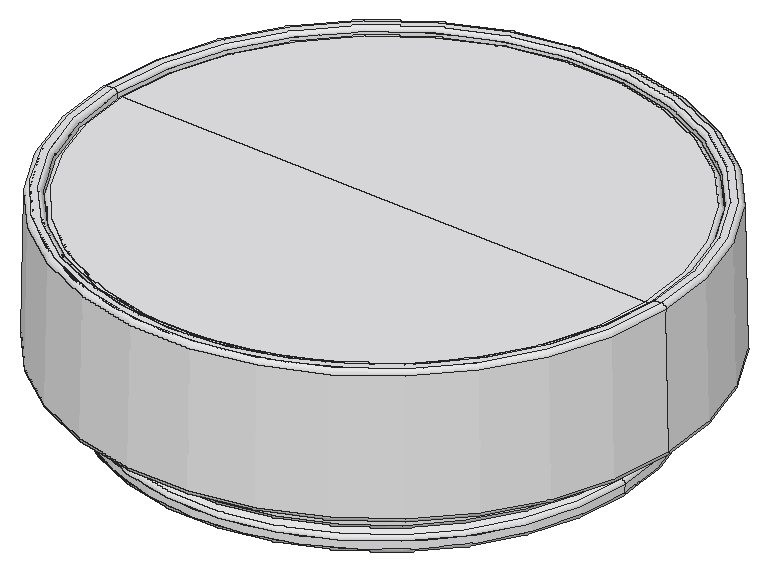
Revit family "Accessory-Flush_Actuator_Plate-KOHLER-Avoir-K-46035_1", category Specialty Equipment, host Face, Revit 2017
Family settings
  Host = Face
  Round Connector Dimension = Use Diameter
  Part Type = Normal
  OmniClass Number = 23.31.25.00
  OmniClass Title = Toilet and Bath Specialties
  Cut with Voids When Loaded = No
  Shared = No
  Room Calculation Point = No
Parameters (values of type "0-White")
  Width = 3 7/16"  # constant formula
  WaterSense Certified = 1 = 0  # no
  URL = "https://www.us.kohler.com/us/"
  Type = 1
  Product Page URL = "http://www.us.kohler.com/us/catalog/productDetails.jsp?productId=46035"
  Product Name = "Avoir"  # constant formula
  Product Documentation Link = "https://www.us.kohler.com/webassets/kpna/catalog/pdf/en/K-46035_spec.pdf"
  Model = "K-46035-0"  # constant formula
  Material = "Plastic"  # constant formula
  Master Format 2014 Name = "Toilet, Bath, and Laundry Accessories"  # constant formula
  Master Format 2014 = "10 28 00"  # constant formula
  Manufacturer Address = "444 Highland Dr, Kohler, WI 53044"  # constant formula
  Manufacturer = "KOHLER Co."  # constant formula
  Length = 1 1/8"  # constant formula
  Height = 3 7/16"  # constant formula
  Finish = Kohler-Plastic-0-White
  Environmental Product Declaration = ""
  Description = "REMOTE ACTUATOR"  # constant formula
  Default Elevation = 42"
  Declare Label = ""
  Date Modified = "10/16/2020"  # constant formula
  Date Created = "10/16/2020"  # constant formula
  Copyright = "Copyright KOHLER Co."  # constant formula
  Contact Us = "https://www.us.kohler.com/us/static/contact.jsp"
  Assembly Code = "C1030200"
  ADA Compliant = 1 = 0  # no
Reference planes (in)
  plane 1 "Center (Front/Back)": y = 0
  plane 2: z = 0
  plane 3 "Center (Left/Right)": x = 0
  plane 4: x = -1.71875
  plane 5: y = 1.71875
  plane 6: x = 1.71875
  plane 7: y = -1.71875
  plane 8: z = 1.125
  plane 9: z = 0.3125
  plane 10: x = -1.45433
  plane 11: x = 1.45433
  plane 12: y = 1.45433
  plane 13: y = -1.45433
Dimensions and locks (in)
  "Width": plane 4 to plane 6
  "Height": plane 5 to plane 7
  "Length": plane 8 to level
  aligned and locked: plane 2 to host face
  aligned and locked: level to host face
  aligned and locked: plane 3 "Center (Left/Right)" to nested 1
Automatic sketch dimensions
  host sketch curve to host sketch curve = 96"  (x2)
Nested families (in)
  nested 1: "K-46035" at (0, 0, 0), type "K-46035"
Definition of nested family "K-46035"
  Parameters (values of type "K-46035")
    Material = none
  Reference planes (in)
    plane 1 "Center (Front/Back)": y = 0
    plane 2: z = 0
    plane 3 "Center (Left/Right)": x = 0
    plane 4: x = -1.71875
    plane 5: x = 1.71875
    plane 6: y = 1.71875
    plane 7: y = -1.71875
    plane 8: z = 1.125
    plane 9: z = 0.3125
    plane 10: x = -1.45433
    plane 11: x = 1.45433
    plane 12: y = 1.45433
    plane 13: y = -1.45433
  Forms (in)
    Revolve 1, solid, material <- "Material", detail levels medium+fine
      sketch origin (0, 0, 1.125) x (-1, 0, 0) y (0, 0, -1)
        loop
          line (-1.67546, 0) -> (-1.63642, 0)
          arc (-1.63642, 0) -> (-1.61992, 0.00683) -> (-1.61309, 0.02333) r 0.02333
          line (-1.61309, 0.02333) -> (-1.61309, 0.08275)
          arc (-1.61309, 0.08275) -> (-1.60459, 0.10327) -> (-1.58406, 0.11177) r 0.02903
          line (-1.58406, 0.11177) -> (0, 0.11177) -> (0, 1.125) -> (-1.43194, 1.125)
          arc (-1.43194, 1.125) -> (-1.44772, 1.11846) -> (-1.45426, 1.10268) r 0.02232
          line (-1.45426, 1.10268) -> (-1.45426, 1.05926)
          arc (-1.45426, 1.05926) -> (-1.4493, 1.04376) -> (-1.43625, 1.03401) r 0.02671
          line (-1.43625, 1.03401) -> (-1.313, 0.99157) -> (-1.43737, 0.99157)
          arc (-1.43737, 0.99157) -> (-1.45174, 0.9857) -> (-1.45788, 0.97144) r 0.02051
          line (-1.45788, 0.97144) -> (-1.47174, 0.22808)
          arc (-1.47174, 0.22808) -> (-1.4805, 0.20774) -> (-1.501, 0.19936) r 0.02926
          line (-1.501, 0.19936) -> (-1.60443, 0.19936)
          arc (-1.60443, 0.19936) -> (-1.61995, 0.20563) -> (-1.62676, 0.22093) r 0.02235
          line (-1.62676, 0.22093) -> (-1.64742, 0.8125) -> (-1.69706, 0.8125)
          arc (-1.69706, 0.8125) -> (-1.71224, 0.80612) -> (-1.71831, 0.79081) r 0.02126
          line (-1.71831, 0.79081) -> (-1.70278, 0.02676)
          arc (-1.70278, 0.02676) -> (-1.69458, 0.00781) -> (-1.67546, 0) r 0.02732
        axis (0, 1.125) -> (0, 0)
      angle from 0 to 360
    Revolve 2, void
      sketch origin (0, -0.00159, -0.57651) x (0, -1, 0) y (0, 0, 1)
        loop
          line (-1.47501, 0.8444) -> (-1.34295, 0.8444) -> (-1.34295, 0.89244) -> (-1.38448, 0.89244)
          arc (-1.38448, 0.89244) -> (-1.40403, 0.89633) -> (-1.4206, 0.9074) r 0.05108
          line (-1.4206, 0.9074) -> (-1.47501, 0.96182) -> (-1.47501, 0.8444)
        axis (-1.34295, 0.8444) -> (-1.47501, 0.8444)
      angle from 0 to 360
    Revolve 3, solid, material <- "Material", detail levels coarse
      sketch origin (0, 0, 0) x (0, 1, 0) y (0, 0, 1)
        loop
          line (0, 1.02472) -> (0, 0) -> (1.4531, 0) -> (1.45856, 0.3125) -> (1.71875, 0.3125) -> (1.71875, 1.125) -> (1.60688, 1.125) -> (1.60688, 1.02472) -> (0, 1.02472)
        axis (0, 0) -> (0, 1.125)
      angle from 0 to 360
    Revolve 4, solid, detail levels medium+fine
      sketch origin (0, 0, 0) x (1, 0, 0) y (0, 0, 1)
        loop
          arc (1.60361, 1.07185) -> (1.5962, 1.08972) -> (1.57832, 1.09713) r 0.02528
          line (1.57832, 1.09713) -> (0, 1.09713) -> (0, 1.02726) -> (1.60361, 1.02726) -> (1.60361, 1.07185)
        axis (0, 1.02726) -> (0, 1.09713)
      angle from 0 to 360
    Extrusion 5, solid, detail levels coarse
      sketch origin (0, 0, 0) x (1, 0, 0) y (0, 1, 0)
        loop
          circle (0, 0) r 1.59516
      from 1.02472 to 1.09619
  Cuts and joins
    Revolve 2 cuts Revolve 1
  Lines and regions (in)
    Masking region 1
      outline origin (0, 0, 0) x (1, 0, 0) y (0, 1, 0)
        loop
          arc (0, 1.71875) -> (-1.21534, 1.21534) -> (-1.71875, 0) r 1.71875
          arc (-1.71875, 0) -> (-1.21534, -1.21534) -> (0, -1.71875) r 1.71875
          arc (0, -1.71875) -> (1.21534, -1.21534) -> (1.71875, 0) r 1.71875
          arc (1.71875, 0) -> (1.21534, 1.21534) -> (0, 1.71875) r 1.71875
    Masking region 2
      outline origin (0, 0, 0) x (1, 0, 0) y (0, 0, 1)
        loop
          line (0, 0) -> (1.43287, 0)
          arc (1.43287, 0) -> (1.44804, 0.00628) -> (1.45433, 0.02145) r 0.02145
          line (1.45433, 0.02145) -> (1.45433, 0.0664)
          arc (1.45433, 0.0664) -> (1.44958, 0.08128) -> (1.4371, 0.09065) r 0.02567
          line (1.4371, 0.09065) -> (1.31376, 0.13361) -> (1.4354, 0.13361)
          arc (1.4354, 0.13361) -> (1.44969, 0.13945) -> (1.45579, 0.15364) r 0.02039
          line (1.45579, 0.15364) -> (1.45856, 0.3125) -> (1.69865, 0.3125)
          arc (1.69865, 0.3125) -> (1.71286, 0.31839) -> (1.71875, 0.3326) r 0.0201
          line (1.71875, 0.3326) -> (1.71875, 0.39893) -> (1.70277, 1.09713)
          arc (1.70277, 1.09713) -> (1.69419, 1.11688) -> (1.67425, 1.125) r 0.02852
          line (1.67425, 1.125) -> (-1.67425, 1.125)
          arc (-1.67425, 1.125) -> (-1.69419, 1.11688) -> (-1.70277, 1.09713) r 0.02852
          line (-1.70277, 1.09713) -> (-1.71875, 0.39893) -> (-1.71875, 0.3326)
          arc (-1.71875, 0.3326) -> (-1.71286, 0.31839) -> (-1.69865, 0.3125) r 0.0201
          line (-1.69865, 0.3125) -> (-1.45856, 0.3125) -> (-1.45579, 0.15364)
          arc (-1.45579, 0.15364) -> (-1.44969, 0.13945) -> (-1.4354, 0.13361) r 0.02039
          line (-1.4354, 0.13361) -> (-1.31376, 0.13361) -> (-1.4371, 0.09065)
          arc (-1.4371, 0.09065) -> (-1.44958, 0.08128) -> (-1.45433, 0.0664) r 0.02567
          line (-1.45433, 0.0664) -> (-1.45433, 0.02145)
          arc (-1.45433, 0.02145) -> (-1.44804, 0.00628) -> (-1.43287, 0) r 0.02145
          line (-1.43287, 0) -> (0, 0)
    Masking region 3
      outline origin (0, 0, 0) x (0, 1, 0) y (0, 0, 1)
        loop
          line (0, 0) -> (1.43287, 0)
          arc (1.43287, 0) -> (1.44804, 0.00628) -> (1.45433, 0.02145) r 0.02145
          line (1.45433, 0.02145) -> (1.45433, 0.0664)
          arc (1.45433, 0.0664) -> (1.44958, 0.08128) -> (1.4371, 0.09065) r 0.02567
          line (1.4371, 0.09065) -> (1.31376, 0.13361) -> (1.4354, 0.13361)
          arc (1.4354, 0.13361) -> (1.44969, 0.13945) -> (1.45579, 0.15364) r 0.02039
          line (1.45579, 0.15364) -> (1.45856, 0.3125) -> (1.69865, 0.3125)
          arc (1.69865, 0.3125) -> (1.71286, 0.31839) -> (1.71875, 0.3326) r 0.0201
          line (1.71875, 0.3326) -> (1.71875, 0.39893) -> (1.70277, 1.09713)
          arc (1.70277, 1.09713) -> (1.69419, 1.11688) -> (1.67425, 1.125) r 0.02852
          line (1.67425, 1.125) -> (-1.67425, 1.125)
          arc (-1.67425, 1.125) -> (-1.69419, 1.11688) -> (-1.70277, 1.09713) r 0.02852
          line (-1.70277, 1.09713) -> (-1.71875, 0.39893) -> (-1.71875, 0.3326)
          arc (-1.71875, 0.3326) -> (-1.71286, 0.31839) -> (-1.69865, 0.3125) r 0.0201
          line (-1.69865, 0.3125) -> (-1.45856, 0.3125) -> (-1.45579, 0.15364)
          arc (-1.45579, 0.15364) -> (-1.44969, 0.13945) -> (-1.4354, 0.13361) r 0.02039
          line (-1.4354, 0.13361) -> (-1.31376, 0.13361) -> (-1.4371, 0.09065)
          arc (-1.4371, 0.09065) -> (-1.44958, 0.08128) -> (-1.45433, 0.0664) r 0.02567
          line (-1.45433, 0.0664) -> (-1.45433, 0.02145)
          arc (-1.45433, 0.02145) -> (-1.44804, 0.00628) -> (-1.43287, 0) r 0.02145
          line (-1.43287, 0) -> (0, 0)
    symbolic lines, detail levels medium+fine
      curve 1: line (1.45856, 0, 0.3125) -> (-1.45856, 0, 0.3125)
      curve 2: line (1.31376, 0, 0.13361) -> (-1.31376, 0, 0.13361)
      curve 3: spline (0, 0, 0.16755) -> (0.01665, 0, 0.16947) -> (0.03277, 0, 0.17409) -> (0.04791, 0, 0.18128) -> (0.06167, 0, 0.19085) -> (0.07369, 0, 0.20253) -> (0.08364, 0, 0.21602) -> (0.09125, 0, 0.23095) -> (0.09632, 0, 0.24693) -> (0.09871, 0, 0.26352) -> (0.09836, 0, 0.28028) -> (0.09528, 0, 0.29675) -> (0.08954, 0, 0.3125)
      curve 4: spline (-0.08954, 0, 0.3125) -> (-0.09528, 0, 0.29675) -> (-0.09836, 0, 0.28028) -> (-0.09871, 0, 0.26352) -> (-0.09632, 0, 0.24693) -> (-0.09125, 0, 0.23095) -> (-0.08364, 0, 0.21602) -> (-0.07369, 0, 0.20253) -> (-0.06167, 0, 0.19085) -> (-0.04791, 0, 0.18128) -> (-0.03277, 0, 0.17409) -> (-0.01665, 0, 0.16947) -> (0, 0, 0.16755)
      curve 5: arc (0, 0, 0.21985) -> (0.04718, 0, 0.25881) -> (0.01784, 0, 0.3125) r 0.04804
      curve 6: arc (-0.01784, 0, 0.3125) -> (-0.04718, 0, 0.25881) -> (0, 0, 0.21985) r 0.04804
      curve 7: line (1.45433, 0, 0.02145) -> (-1.45433, 0, 0.02145)
      curve 8: line (1.45433, 0, 0.0664) -> (-1.45433, 0, 0.0664)
      curve 9: line (1.70277, 0, 1.09713) -> (-1.70277, 0, 1.09713)
      curve 10: line (0, 1.45433, 0.02145) -> (0, -1.45433, 0.02145)
      curve 11: line (0, -1.31376, 0.13361) -> (0, 1.31376, 0.13361)
      curve 12: line (0, 1.45856, 0.3125) -> (0, -1.45856, 0.3125)
      curve 13: line (0, 1.70277, 1.09713) -> (0, -1.70277, 1.09713)
      curve 14: line (0, 1.45433, 0.0664) -> (0, -1.45433, 0.0664)
      curve 15: circle (0, 0, 0) r 1.70277 normal (0, 0, 1)
      curve 16: circle (0, 0, 0) r 1.68876 normal (0, 0, 1)
      curve 17: circle (0, 0, 0) r 1.63436 normal (0, 0, 1)
      curve 18: circle (0, 0.51671, 0) r 0.01172 normal (0, 0, 1)
      curve 19: circle (0.08288, 0.51002, 0) r 0.01172 normal (0, 0, 1)
      curve 20: circle (0.16361, 0.49013, 0) r 0.01172 normal (0, 0, 1)
      curve 21: circle (0.24011, 0.45754, 0) r 0.01172 normal (0, 0, 1)
      curve 22: circle (0.31039, 0.4131, 0) r 0.01172 normal (0, 0, 1)
      curve 23: circle (0.37263, 0.35797, 0) r 0.01172 normal (0, 0, 1)
      curve 24: circle (0.42522, 0.29356, 0) r 0.01172 normal (0, 0, 1)
      curve 25: circle (0.4668, 0.22156, 0) r 0.01172 normal (0, 0, 1)
      curve 26: circle (0.4963, 0.14381, 0) r 0.01172 normal (0, 0, 1)
      curve 27: circle (0.51294, 0.06234, 0) r 0.01172 normal (0, 0, 1)
      curve 28: circle (0.5163, -0.02074, 0) r 0.01172 normal (0, 0, 1)
      curve 29: circle (0.50629, -0.10328, 0) r 0.01172 normal (0, 0, 1)
      curve 30: circle (0.48317, -0.18315, 0) r 0.01172 normal (0, 0, 1)
      curve 31: circle (0.44753, -0.25828, 0) r 0.01172 normal (0, 0, 1)
      curve 32: circle (0.40031, -0.32672, 0) r 0.01172 normal (0, 0, 1)
      curve 33: circle (0.34272, -0.3867, 0) r 0.01172 normal (0, 0, 1)
      curve 34: circle (0.27626, -0.43666, 0) r 0.01172 normal (0, 0, 1)
      curve 35: circle (0.20264, -0.47532, 0) r 0.01172 normal (0, 0, 1)
      curve 36: circle (0.12378, -0.50167, 0) r 0.01172 normal (0, 0, 1)
      curve 37: circle (0.04171, -0.51503, 0) r 0.01172 normal (0, 0, 1)
      curve 38: circle (-0.04144, -0.51505, 0) r 0.01172 normal (0, 0, 1)
      curve 39: circle (-0.12352, -0.50173, 0) r 0.01172 normal (0, 0, 1)
      curve 40: circle (-0.20239, -0.47543, 0) r 0.01172 normal (0, 0, 1)
      curve 41: circle (-0.27603, -0.43681, 0) r 0.01172 normal (0, 0, 1)
      curve 42: circle (-0.34252, -0.38688, 0) r 0.01172 normal (0, 0, 1)
      curve 43: circle (-0.40014, -0.32693, 0) r 0.01172 normal (0, 0, 1)
      curve 44: circle (-0.4474, -0.25851, 0) r 0.01172 normal (0, 0, 1)
      curve 45: circle (-0.48307, -0.1834, 0) r 0.01172 normal (0, 0, 1)
      curve 46: circle (-0.50623, -0.10355, 0) r 0.01172 normal (0, 0, 1)
      curve 47: circle (-0.51629, -0.02101, 0) r 0.01172 normal (0, 0, 1)
      curve 48: circle (-0.51297, 0.06208, 0) r 0.01172 normal (0, 0, 1)
      curve 49: circle (-0.49637, 0.14355, 0) r 0.01172 normal (0, 0, 1)
      curve 50: circle (-0.46692, 0.22131, 0) r 0.01172 normal (0, 0, 1)
      curve 51: circle (-0.42538, 0.29334, 0) r 0.01172 normal (0, 0, 1)
      curve 52: circle (-0.37282, 0.35777, 0) r 0.01172 normal (0, 0, 1)
      curve 53: circle (-0.31061, 0.41294, 0) r 0.01172 normal (0, 0, 1)
      curve 54: circle (-0.24035, 0.45741, 0) r 0.01172 normal (0, 0, 1)
      curve 55: circle (-0.16387, 0.49004, 0) r 0.01172 normal (0, 0, 1)
      curve 56: circle (-0.08315, 0.50998, 0) r 0.01172 normal (0, 0, 1)
      curve 57: circle (0.04461, 0.54397, 0) r 0.01563 normal (0, 0, 1)
      curve 58: circle (0.13128, 0.52977, 0) r 0.01563 normal (0, 0, 1)
      curve 59: circle (0.21456, 0.50186, 0) r 0.01563 normal (0, 0, 1)
      curve 60: circle (0.29228, 0.46094, 0) r 0.01563 normal (0, 0, 1)
      curve 61: circle (0.36243, 0.4081, 0) r 0.01563 normal (0, 0, 1)
      curve 62: circle (0.42319, 0.34468, 0) r 0.01563 normal (0, 0, 1)
      curve 63: circle (0.473, 0.27234, 0) r 0.01563 normal (0, 0, 1)
      curve 64: circle (0.51056, 0.19294, 0) r 0.01563 normal (0, 0, 1)
      curve 65: circle (0.53489, 0.10855, 0) r 0.01563 normal (0, 0, 1)
      curve 66: circle (0.54538, 0.02135, 0) r 0.01563 normal (0, 0, 1)
      curve 67: circle (0.54174, -0.0664, 0) r 0.01563 normal (0, 0, 1)
      curve 68: circle (0.52408, -0.15244, 0) r 0.01563 normal (0, 0, 1)
      curve 69: circle (0.49284, -0.23453, 0) r 0.01563 normal (0, 0, 1)
      curve 70: circle (0.44884, -0.31054, 0) r 0.01563 normal (0, 0, 1)
      curve 71: circle (0.39322, -0.37851, 0) r 0.01563 normal (0, 0, 1)
      curve 72: circle (0.32742, -0.43668, 0) r 0.01563 normal (0, 0, 1)
      curve 73: circle (0.25314, -0.48355, 0) r 0.01563 normal (0, 0, 1)
      curve 74: circle (0.1723, -0.51789, 0) r 0.01563 normal (0, 0, 1)
      curve 75: circle (0.087, -0.53882, 0) r 0.01563 normal (0, 0, 1)
      curve 76: circle (-0.00055, -0.5458, 0) r 0.01563 normal (0, 0, 1)
      curve 77: circle (-0.08809, -0.53864, 0) r 0.01563 normal (0, 0, 1)
      curve 78: circle (-0.17335, -0.51754, 0) r 0.01563 normal (0, 0, 1)
      curve 79: circle (-0.25412, -0.48303, 0) r 0.01563 normal (0, 0, 1)
      curve 80: circle (-0.3283, -0.43602, 0) r 0.01563 normal (0, 0, 1)
      curve 81: circle (-0.39399, -0.37771, 0) r 0.01563 normal (0, 0, 1)
      curve 82: circle (-0.44947, -0.30963, 0) r 0.01563 normal (0, 0, 1)
      curve 83: circle (-0.49332, -0.23353, 0) r 0.01563 normal (0, 0, 1)
      curve 84: circle (-0.52439, -0.15138, 0) r 0.01563 normal (0, 0, 1)
      curve 85: circle (-0.54188, -0.0653, 0) r 0.01563 normal (0, 0, 1)
      curve 86: circle (-0.54534, 0.02246, 0) r 0.01563 normal (0, 0, 1)
      curve 87: circle (-0.53467, 0.10964, 0) r 0.01563 normal (0, 0, 1)
      curve 88: circle (-0.51016, 0.19398, 0) r 0.01563 normal (0, 0, 1)
      curve 89: circle (-0.47245, 0.2733, 0) r 0.01563 normal (0, 0, 1)
      curve 90: circle (-0.42249, 0.34554, 0) r 0.01563 normal (0, 0, 1)
      curve 91: circle (-0.3616, 0.40883, 0) r 0.01563 normal (0, 0, 1)
      curve 92: circle (-0.29134, 0.46154, 0) r 0.01563 normal (0, 0, 1)
      curve 93: circle (-0.21354, 0.50229, 0) r 0.01563 normal (0, 0, 1)
      curve 94: circle (-0.13021, 0.53004, 0) r 0.01563 normal (0, 0, 1)
      curve 95: circle (-0.04351, 0.54406, 0) r 0.01563 normal (0, 0, 1)
      curve 96: circle (0, 0.58193, 0) r 0.01563 normal (0, 0, 1)
      curve 97: circle (0.09334, 0.5744, 0) r 0.01563 normal (0, 0, 1)
      curve 98: circle (0.18426, 0.55199, 0) r 0.01563 normal (0, 0, 1)
      curve 99: circle (0.27042, 0.51529, 0) r 0.01563 normal (0, 0, 1)
      curve 100: circle (0.34957, 0.46524, 0) r 0.01563 normal (0, 0, 1)
      curve 101: circle (0.41966, 0.40315, 0) r 0.01563 normal (0, 0, 1)
      curve 102: circle (0.47889, 0.33061, 0) r 0.01563 normal (0, 0, 1)
      curve 103: circle (0.52572, 0.24952, 0) r 0.01563 normal (0, 0, 1)
      curve 104: circle (0.55894, 0.16196, 0) r 0.01563 normal (0, 0, 1)
      curve 105: circle (0.57768, 0.07021, 0) r 0.01563 normal (0, 0, 1)
      curve 106: circle (0.58146, -0.02335, 0) r 0.01563 normal (0, 0, 1)
      curve 107: circle (0.57019, -0.11632, 0) r 0.01563 normal (0, 0, 1)
      curve 108: circle (0.54415, -0.20627, 0) r 0.01563 normal (0, 0, 1)
      curve 109: circle (0.50402, -0.29088, 0) r 0.01563 normal (0, 0, 1)
      curve 110: circle (0.45084, -0.36795, 0) r 0.01563 normal (0, 0, 1)
      curve 111: circle (0.38598, -0.4355, 0) r 0.01563 normal (0, 0, 1)
      curve 112: circle (0.31113, -0.49178, 0) r 0.01563 normal (0, 0, 1)
      curve 113: circle (0.22822, -0.53531, 0) r 0.01563 normal (0, 0, 1)
      curve 114: circle (0.1394, -0.56499, 0) r 0.01563 normal (0, 0, 1)
      curve 115: circle (0.04697, -0.58003, 0) r 0.01563 normal (0, 0, 1)
      curve 116: circle (-0.04667, -0.58006, 0) r 0.01563 normal (0, 0, 1)
      curve 117: circle (-0.13911, -0.56506, 0) r 0.01563 normal (0, 0, 1)
      curve 118: circle (-0.22794, -0.53543, 0) r 0.01563 normal (0, 0, 1)
      curve 119: circle (-0.31087, -0.49194, 0) r 0.01563 normal (0, 0, 1)
      curve 120: circle (-0.38575, -0.43571, 0) r 0.01563 normal (0, 0, 1)
      curve 121: circle (-0.45064, -0.36819, 0) r 0.01563 normal (0, 0, 1)
      curve 122: circle (-0.50387, -0.29114, 0) r 0.01563 normal (0, 0, 1)
      curve 123: circle (-0.54404, -0.20655, 0) r 0.01563 normal (0, 0, 1)
      curve 124: circle (-0.57013, -0.11662, 0) r 0.01563 normal (0, 0, 1)
      curve 125: circle (-0.58145, -0.02366, 0) r 0.01563 normal (0, 0, 1)
      curve 126: circle (-0.57772, 0.06991, 0) r 0.01563 normal (0, 0, 1)
      curve 127: circle (-0.55902, 0.16167, 0) r 0.01563 normal (0, 0, 1)
      curve 128: circle (-0.52585, 0.24924, 0) r 0.01563 normal (0, 0, 1)
      curve 129: circle (-0.47907, 0.33036, 0) r 0.01563 normal (0, 0, 1)
      curve 130: circle (-0.41987, 0.40293, 0) r 0.01563 normal (0, 0, 1)
      curve 131: circle (-0.34981, 0.46506, 0) r 0.01563 normal (0, 0, 1)
      curve 132: circle (-0.27069, 0.51514, 0) r 0.01563 normal (0, 0, 1)
      curve 133: circle (-0.18455, 0.55189, 0) r 0.01563 normal (0, 0, 1)
      curve 134: circle (-0.09364, 0.57435, 0) r 0.01563 normal (0, 0, 1)
      curve 135: circle (0.0447, 0.61732, 0) r 0.01953 normal (0, 0, 1)
      curve 136: circle (0.14314, 0.60216, 0) r 0.01953 normal (0, 0, 1)
      curve 137: circle (0.23787, 0.57141, 0) r 0.01953 normal (0, 0, 1)
      curve 138: circle (0.32644, 0.52585, 0) r 0.01953 normal (0, 0, 1)
      curve 139: circle (0.40656, 0.46668, 0) r 0.01953 normal (0, 0, 1)
      curve 140: circle (0.47615, 0.39543, 0) r 0.01953 normal (0, 0, 1)
      curve 141: circle (0.53341, 0.31394, 0) r 0.01953 normal (0, 0, 1)
      curve 142: circle (0.57686, 0.22431, 0) r 0.01953 normal (0, 0, 1)
      curve 143: circle (0.60537, 0.12888, 0) r 0.01953 normal (0, 0, 1)
      curve 144: circle (0.61821, 0.03011, 0) r 0.01953 normal (0, 0, 1)
      curve 145: circle (0.61503, -0.06944, 0) r 0.01953 normal (0, 0, 1)
      curve 146: circle (0.59593, -0.16719, 0) r 0.01953 normal (0, 0, 1)
      curve 147: circle (0.5614, -0.26061, 0) r 0.01953 normal (0, 0, 1)
      curve 148: circle (0.51233, -0.34728, 0) r 0.01953 normal (0, 0, 1)
      curve 149: circle (0.44999, -0.42496, 0) r 0.01953 normal (0, 0, 1)
      curve 150: circle (0.376, -0.49164, 0) r 0.01953 normal (0, 0, 1)
      curve 151: circle (0.29228, -0.54558, 0) r 0.01953 normal (0, 0, 1)
      curve 152: circle (0.20098, -0.5854, 0) r 0.01953 normal (0, 0, 1)
      curve 153: circle (0.10448, -0.61006, 0) r 0.01953 normal (0, 0, 1)
      curve 154: circle (0.00528, -0.61892, 0) r 0.01953 normal (0, 0, 1)
      curve 155: circle (-0.09406, -0.61175, 0) r 0.01953 normal (0, 0, 1)
      curve 156: circle (-0.19097, -0.58874, 0) r 0.01953 normal (0, 0, 1)
      curve 157: circle (-0.28293, -0.55049, 0) r 0.01953 normal (0, 0, 1)
      curve 158: circle (-0.36756, -0.49798, 0) r 0.01953 normal (0, 0, 1)
      curve 159: circle (-0.44268, -0.43258, 0) r 0.01953 normal (0, 0, 1)
      curve 160: circle (-0.50633, -0.35597, 0) r 0.01953 normal (0, 0, 1)
      curve 161: circle (-0.55687, -0.27015, 0) r 0.01953 normal (0, 0, 1)
      curve 162: circle (-0.59299, -0.17733, 0) r 0.01953 normal (0, 0, 1)
      curve 163: circle (-0.61376, -0.07992, 0) r 0.01953 normal (0, 0, 1)
      curve 164: circle (-0.61863, 0.01956, 0) r 0.01953 normal (0, 0, 1)
      curve 165: circle (-0.60748, 0.11854, 0) r 0.01953 normal (0, 0, 1)
      curve 166: circle (-0.5806, 0.21444, 0) r 0.01953 normal (0, 0, 1)
      curve 167: circle (-0.53869, 0.30479, 0) r 0.01953 normal (0, 0, 1)
      curve 168: circle (-0.48283, 0.38725, 0) r 0.01953 normal (0, 0, 1)
      curve 169: circle (-0.41446, 0.45968, 0) r 0.01953 normal (0, 0, 1)
      curve 170: circle (-0.33536, 0.52021, 0) r 0.01953 normal (0, 0, 1)
      curve 171: circle (-0.24758, 0.56727, 0) r 0.01953 normal (0, 0, 1)
      curve 172: circle (-0.15339, 0.59963, 0) r 0.01953 normal (0, 0, 1)
      curve 173: circle (-0.05522, 0.61647, 0) r 0.01953 normal (0, 0, 1)
      curve 174: circle (0, 0.66783, 0) r 0.02344 normal (0, 0, 1)
      curve 175: circle (0.10712, 0.65919, 0) r 0.02344 normal (0, 0, 1)
      curve 176: circle (0.21146, 0.63347, 0) r 0.02344 normal (0, 0, 1)
      curve 177: circle (0.31033, 0.59135, 0) r 0.02344 normal (0, 0, 1)
      curve 178: circle (0.40117, 0.53392, 0) r 0.02344 normal (0, 0, 1)
      curve 179: circle (0.48161, 0.46266, 0) r 0.02344 normal (0, 0, 1)
      curve 180: circle (0.54959, 0.37942, 0) r 0.02344 normal (0, 0, 1)
      curve 181: circle (0.60333, 0.28635, 0) r 0.02344 normal (0, 0, 1)
      curve 182: circle (0.64145, 0.18587, 0) r 0.02344 normal (0, 0, 1)
      curve 183: circle (0.66295, 0.08058, 0) r 0.02344 normal (0, 0, 1)
      curve 184: circle (0.6673, -0.0268, 0) r 0.02344 normal (0, 0, 1)
      curve 185: circle (0.65436, -0.13349, 0) r 0.02344 normal (0, 0, 1)
      curve 186: circle (0.62447, -0.23672, 0) r 0.02344 normal (0, 0, 1)
      curve 187: circle (0.57842, -0.33382, 0) r 0.02344 normal (0, 0, 1)
      curve 188: circle (0.51739, -0.42227, 0) r 0.02344 normal (0, 0, 1)
      curve 189: circle (0.44296, -0.49979, 0) r 0.02344 normal (0, 0, 1)
      curve 190: circle (0.35706, -0.56437, 0) r 0.02344 normal (0, 0, 1)
      curve 191: circle (0.26191, -0.61433, 0) r 0.02344 normal (0, 0, 1)
      curve 192: circle (0.15998, -0.64839, 0) r 0.02344 normal (0, 0, 1)
      curve 193: circle (0.05391, -0.66565, 0) r 0.02344 normal (0, 0, 1)
      curve 194: circle (-0.05356, -0.66568, 0) r 0.02344 normal (0, 0, 1)
      curve 195: circle (-0.15964, -0.64847, 0) r 0.02344 normal (0, 0, 1)
      curve 196: circle (-0.26159, -0.61447, 0) r 0.02344 normal (0, 0, 1)
      curve 197: circle (-0.35676, -0.56456, 0) r 0.02344 normal (0, 0, 1)
      curve 198: circle (-0.44269, -0.50002, 0) r 0.02344 normal (0, 0, 1)
      curve 199: circle (-0.51717, -0.42254, 0) r 0.02344 normal (0, 0, 1)
      curve 200: circle (-0.57824, -0.33412, 0) r 0.02344 normal (0, 0, 1)
      curve 201: circle (-0.62435, -0.23704, 0) r 0.02344 normal (0, 0, 1)
      curve 202: circle (-0.65429, -0.13383, 0) r 0.02344 normal (0, 0, 1)
      curve 203: circle (-0.66728, -0.02715, 0) r 0.02344 normal (0, 0, 1)
      curve 204: circle (-0.663, 0.08023, 0) r 0.02344 normal (0, 0, 1)
      curve 205: circle (-0.64154, 0.18554, 0) r 0.02344 normal (0, 0, 1)
      curve 206: circle (-0.60348, 0.28604, 0) r 0.02344 normal (0, 0, 1)
      curve 207: circle (-0.54978, 0.37913, 0) r 0.02344 normal (0, 0, 1)
      curve 208: circle (-0.48185, 0.4624, 0) r 0.02344 normal (0, 0, 1)
      curve 209: circle (-0.40145, 0.53371, 0) r 0.02344 normal (0, 0, 1)
      curve 210: circle (-0.31064, 0.59119, 0) r 0.02344 normal (0, 0, 1)
      curve 211: circle (-0.2118, 0.63336, 0) r 0.02344 normal (0, 0, 1)
      curve 212: circle (-0.10746, 0.65913, 0) r 0.02344 normal (0, 0, 1)
      curve 213: circle (0.05251, 0.70576, 0) r 0.02344 normal (0, 0, 1)
      curve 214: circle (-0.06137, 0.70504, 0) r 0.02344 normal (0, 0, 1)
      curve 215: circle (-0.17366, 0.68607, 0) r 0.02344 normal (0, 0, 1)
      curve 216: circle (-0.28146, 0.64933, 0) r 0.02344 normal (0, 0, 1)
      curve 217: circle (-0.38197, 0.59578, 0) r 0.02344 normal (0, 0, 1)
      curve 218: circle (-0.47258, 0.5268, 0) r 0.02344 normal (0, 0, 1)
      curve 219: circle (-0.55096, 0.44418, 0) r 0.02344 normal (0, 0, 1)
      curve 220: circle (-0.61507, 0.35005, 0) r 0.02344 normal (0, 0, 1)
      curve 221: circle (-0.66326, 0.24686, 0) r 0.02344 normal (0, 0, 1)
      curve 222: circle (-0.69427, 0.13728, 0) r 0.02344 normal (0, 0, 1)
      curve 223: circle (-0.7073, 0.02415, 0) r 0.02344 normal (0, 0, 1)
      curve 224: circle (-0.70201, -0.08962, 0) r 0.02344 normal (0, 0, 1)
      curve 225: circle (-0.67855, -0.20106, 0) r 0.02344 normal (0, 0, 1)
      curve 226: circle (-0.63751, -0.30729, 0) r 0.02344 normal (0, 0, 1)
      curve 227: circle (-0.57997, -0.40557, 0) r 0.02344 normal (0, 0, 1)
      curve 228: circle (-0.50741, -0.49334, 0) r 0.02344 normal (0, 0, 1)
      curve 229: circle (-0.42171, -0.56834, 0) r 0.02344 normal (0, 0, 1)
      curve 230: circle (-0.32509, -0.62863, 0) r 0.02344 normal (0, 0, 1)
      curve 231: circle (-0.22005, -0.67263, 0) r 0.02344 normal (0, 0, 1)
      curve 232: circle (-0.10931, -0.69922, 0) r 0.02344 normal (0, 0, 1)
      curve 233: circle (0.00426, -0.7077, 0) r 0.02344 normal (0, 0, 1)
      curve 234: circle (0.11772, -0.69785, 0) r 0.02344 normal (0, 0, 1)
      curve 235: circle (0.22813, -0.66993, 0) r 0.02344 normal (0, 0, 1)
      curve 236: circle (0.33263, -0.62467, 0) r 0.02344 normal (0, 0, 1)
      curve 237: circle (0.42852, -0.56323, 0) r 0.02344 normal (0, 0, 1)
      curve 238: circle (0.51331, -0.4872, 0) r 0.02344 normal (0, 0, 1)
      curve 239: circle (0.58481, -0.39856, 0) r 0.02344 normal (0, 0, 1)
      curve 240: circle (0.64117, -0.2996, 0) r 0.02344 normal (0, 0, 1)
      curve 241: circle (0.68092, -0.19288, 0) r 0.02344 normal (0, 0, 1)
      curve 242: circle (0.70304, -0.08116, 0) r 0.02344 normal (0, 0, 1)
      curve 243: circle (0.70695, 0.03266, 0) r 0.02344 normal (0, 0, 1)
      curve 244: circle (0.69256, 0.14563, 0) r 0.02344 normal (0, 0, 1)
      curve 245: circle (0.66024, 0.25483, 0) r 0.02344 normal (0, 0, 1)
      curve 246: circle (0.61081, 0.35743, 0) r 0.02344 normal (0, 0, 1)
      curve 247: circle (0.54558, 0.45078, 0) r 0.02344 normal (0, 0, 1)
      curve 248: circle (0.46621, 0.53245, 0) r 0.02344 normal (0, 0, 1)
      curve 249: circle (0.37477, 0.60033, 0) r 0.02344 normal (0, 0, 1)
      curve 250: circle (0.27362, 0.65267, 0) r 0.02344 normal (0, 0, 1)
      curve 251: circle (0.16539, 0.68811, 0) r 0.02344 normal (0, 0, 1)
      curve 252: circle (0, 0.76673, 0) r 0.02344 normal (0, 0, 1)
      curve 253: circle (0.12298, 0.75681, 0) r 0.02344 normal (0, 0, 1)
      curve 254: circle (0.24278, 0.72728, 0) r 0.02344 normal (0, 0, 1)
      curve 255: circle (0.35629, 0.67892, 0) r 0.02344 normal (0, 0, 1)
      curve 256: circle (0.46058, 0.61298, 0) r 0.02344 normal (0, 0, 1)
      curve 257: circle (0.55293, 0.53117, 0) r 0.02344 normal (0, 0, 1)
      curve 258: circle (0.63097, 0.4356, 0) r 0.02344 normal (0, 0, 1)
      curve 259: circle (0.69267, 0.32876, 0) r 0.02344 normal (0, 0, 1)
      curve 260: circle (0.73644, 0.2134, 0) r 0.02344 normal (0, 0, 1)
      curve 261: circle (0.76113, 0.09251, 0) r 0.02344 normal (0, 0, 1)
      curve 262: circle (0.76612, -0.03077, 0) r 0.02344 normal (0, 0, 1)
      curve 263: circle (0.75126, -0.15326, 0) r 0.02344 normal (0, 0, 1)
      curve 264: circle (0.71695, -0.27177, 0) r 0.02344 normal (0, 0, 1)
      curve 265: circle (0.66408, -0.38325, 0) r 0.02344 normal (0, 0, 1)
      curve 266: circle (0.59401, -0.48481, 0) r 0.02344 normal (0, 0, 1)
      curve 267: circle (0.50855, -0.57381, 0) r 0.02344 normal (0, 0, 1)
      curve 268: circle (0.40993, -0.64795, 0) r 0.02344 normal (0, 0, 1)
      curve 269: circle (0.30069, -0.70531, 0) r 0.02344 normal (0, 0, 1)
      curve 270: circle (0.18367, -0.74441, 0) r 0.02344 normal (0, 0, 1)
      curve 271: circle (0.06189, -0.76423, 0) r 0.02344 normal (0, 0, 1)
      curve 272: circle (-0.06149, -0.76426, 0) r 0.02344 normal (0, 0, 1)
      curve 273: circle (-0.18328, -0.74451, 0) r 0.02344 normal (0, 0, 1)
      curve 274: circle (-0.30033, -0.70547, 0) r 0.02344 normal (0, 0, 1)
      curve 275: circle (-0.40959, -0.64816, 0) r 0.02344 normal (0, 0, 1)
      curve 276: circle (-0.50825, -0.57407, 0) r 0.02344 normal (0, 0, 1)
      curve 277: circle (-0.59375, -0.48512, 0) r 0.02344 normal (0, 0, 1)
      curve 278: circle (-0.66388, -0.3836, 0) r 0.02344 normal (0, 0, 1)
      curve 279: circle (-0.71681, -0.27215, 0) r 0.02344 normal (0, 0, 1)
      curve 280: circle (-0.75118, -0.15365, 0) r 0.02344 normal (0, 0, 1)
      curve 281: circle (-0.7661, -0.03117, 0) r 0.02344 normal (0, 0, 1)
      curve 282: circle (-0.76118, 0.09211, 0) r 0.02344 normal (0, 0, 1)
      curve 283: circle (-0.73655, 0.21301, 0) r 0.02344 normal (0, 0, 1)
      curve 284: circle (-0.69285, 0.3284, 0) r 0.02344 normal (0, 0, 1)
      curve 285: circle (-0.6312, 0.43527, 0) r 0.02344 normal (0, 0, 1)
      curve 286: circle (-0.55321, 0.53088, 0) r 0.02344 normal (0, 0, 1)
      curve 287: circle (-0.4609, 0.61274, 0) r 0.02344 normal (0, 0, 1)
      curve 288: circle (-0.35665, 0.67874, 0) r 0.02344 normal (0, 0, 1)
      curve 289: circle (-0.24316, 0.72715, 0) r 0.02344 normal (0, 0, 1)
      curve 290: circle (-0.12338, 0.75674, 0) r 0.02344 normal (0, 0, 1)
      curve 291: circle (0.03757, 0.8035, 0) r 0.01953 normal (0, 0, 1)
      curve 292: circle (0.16597, 0.78707, 0) r 0.01953 normal (0, 0, 1)
      curve 293: circle (0.29006, 0.75026, 0) r 0.01953 normal (0, 0, 1)
      curve 294: circle (0.40665, 0.69402, 0) r 0.01953 normal (0, 0, 1)
      curve 295: circle (0.5127, 0.61981, 0) r 0.01953 normal (0, 0, 1)
      curve 296: circle (0.60548, 0.52955, 0) r 0.01953 normal (0, 0, 1)
      curve 297: circle (0.68258, 0.42557, 0) r 0.01953 normal (0, 0, 1)
      curve 298: circle (0.742, 0.31058, 0) r 0.01953 normal (0, 0, 1)
      curve 299: circle (0.78221, 0.18754, 0) r 0.01953 normal (0, 0, 1)
      curve 300: circle (0.80216, 0.05965, 0) r 0.01953 normal (0, 0, 1)
      curve 301: circle (0.80134, -0.06979, 0) r 0.01953 normal (0, 0, 1)
      curve 302: circle (0.77978, -0.19742, 0) r 0.01953 normal (0, 0, 1)
      curve 303: circle (0.73801, -0.31994, 0) r 0.01953 normal (0, 0, 1)
      curve 304: circle (0.67714, -0.43417, 0) r 0.01953 normal (0, 0, 1)
      curve 305: circle (0.59873, -0.53716, 0) r 0.01953 normal (0, 0, 1)
      curve 306: circle (0.50482, -0.62624, 0) r 0.01953 normal (0, 0, 1)
      curve 307: circle (0.39784, -0.69911, 0) r 0.01953 normal (0, 0, 1)
      curve 308: circle (0.28055, -0.75387, 0) r 0.01953 normal (0, 0, 1)
      curve 309: circle (0.156, -0.78911, 0) r 0.01953 normal (0, 0, 1)
      curve 310: circle (0.02741, -0.80391, 0) r 0.01953 normal (0, 0, 1)
      curve 311: circle (-0.10189, -0.7979, 0) r 0.01953 normal (0, 0, 1)
      curve 312: circle (-0.22855, -0.77122, 0) r 0.01953 normal (0, 0, 1)
      curve 313: circle (-0.3493, -0.72458, 0) r 0.01953 normal (0, 0, 1)
      curve 314: circle (-0.46099, -0.65917, 0) r 0.01953 normal (0, 0, 1)
      curve 315: circle (-0.56076, -0.57669, 0) r 0.01953 normal (0, 0, 1)
      curve 316: circle (-0.646, -0.47928, 0) r 0.01953 normal (0, 0, 1)
      curve 317: circle (-0.71451, -0.36946, 0) r 0.01953 normal (0, 0, 1)
      curve 318: circle (-0.76452, -0.25007, 0) r 0.01953 normal (0, 0, 1)
      curve 319: circle (-0.79473, -0.12421, 0) r 0.01953 normal (0, 0, 1)
      curve 320: circle (-0.80436, 0.00487, 0) r 0.01953 normal (0, 0, 1)
      curve 321: circle (-0.79317, 0.13383, 0) r 0.01953 normal (0, 0, 1)
      curve 322: circle (-0.76143, 0.25932, 0) r 0.01953 normal (0, 0, 1)
      curve 323: circle (-0.70998, 0.37809, 0) r 0.01953 normal (0, 0, 1)
      curve 324: circle (-0.64014, 0.48708, 0) r 0.01953 normal (0, 0, 1)
      curve 325: circle (-0.55373, 0.58345, 0) r 0.01953 normal (0, 0, 1)
      curve 326: circle (-0.45297, 0.66471, 0) r 0.01953 normal (0, 0, 1)
      curve 327: circle (-0.34049, 0.72876, 0) r 0.01953 normal (0, 0, 1)
      curve 328: circle (-0.21919, 0.77394, 0) r 0.01953 normal (0, 0, 1)
      curve 329: circle (-0.09221, 0.79907, 0) r 0.01953 normal (0, 0, 1)
      curve 330: circle (0, 0.85463, 0) r 0.01953 normal (0, 0, 1)
      curve 331: circle (0.13708, 0.84356, 0) r 0.01953 normal (0, 0, 1)
      curve 332: circle (0.27061, 0.81065, 0) r 0.01953 normal (0, 0, 1)
      curve 333: circle (0.39713, 0.75675, 0) r 0.01953 normal (0, 0, 1)
      curve 334: circle (0.51337, 0.68325, 0) r 0.01953 normal (0, 0, 1)
      curve 335: circle (0.61632, 0.59206, 0) r 0.01953 normal (0, 0, 1)
      curve 336: circle (0.7033, 0.48554, 0) r 0.01953 normal (0, 0, 1)
      curve 337: circle (0.77208, 0.36644, 0) r 0.01953 normal (0, 0, 1)
      curve 338: circle (0.82086, 0.23786, 0) r 0.01953 normal (0, 0, 1)
      curve 339: circle (0.84838, 0.10312, 0) r 0.01953 normal (0, 0, 1)
      curve 340: circle (0.85394, -0.0343, 0) r 0.01953 normal (0, 0, 1)
      curve 341: circle (0.83738, -0.17082, 0) r 0.01953 normal (0, 0, 1)
      curve 342: circle (0.79914, -0.30293, 0) r 0.01953 normal (0, 0, 1)
      curve 343: circle (0.7402, -0.42718, 0) r 0.01953 normal (0, 0, 1)
      curve 344: circle (0.6621, -0.54038, 0) r 0.01953 normal (0, 0, 1)
      curve 345: circle (0.56685, -0.63958, 0) r 0.01953 normal (0, 0, 1)
      curve 346: circle (0.45692, -0.72222, 0) r 0.01953 normal (0, 0, 1)
      curve 347: circle (0.33516, -0.78616, 0) r 0.01953 normal (0, 0, 1)
      curve 348: circle (0.20473, -0.82974, 0) r 0.01953 normal (0, 0, 1)
      curve 349: circle (0.06899, -0.85184, 0) r 0.01953 normal (0, 0, 1)
      curve 350: circle (-0.06854, -0.85187, 0) r 0.01953 normal (0, 0, 1)
      curve 351: circle (-0.20429, -0.82985, 0) r 0.01953 normal (0, 0, 1)
      curve 352: circle (-0.33475, -0.78634, 0) r 0.01953 normal (0, 0, 1)
      curve 353: circle (-0.45655, -0.72246, 0) r 0.01953 normal (0, 0, 1)
      curve 354: circle (-0.56652, -0.63988, 0) r 0.01953 normal (0, 0, 1)
      curve 355: circle (-0.66182, -0.54073, 0) r 0.01953 normal (0, 0, 1)
      curve 356: circle (-0.73998, -0.42757, 0) r 0.01953 normal (0, 0, 1)
      curve 357: circle (-0.79898, -0.30334, 0) r 0.01953 normal (0, 0, 1)
      curve 358: circle (-0.83729, -0.17126, 0) r 0.01953 normal (0, 0, 1)
      curve 359: circle (-0.85392, -0.03474, 0) r 0.01953 normal (0, 0, 1)
      curve 360: circle (-0.84844, 0.10267, 0) r 0.01953 normal (0, 0, 1)
      curve 361: circle (-0.82098, 0.23743, 0) r 0.01953 normal (0, 0, 1)
      curve 362: circle (-0.77227, 0.36604, 0) r 0.01953 normal (0, 0, 1)
      curve 363: circle (-0.70356, 0.48517, 0) r 0.01953 normal (0, 0, 1)
      curve 364: circle (-0.61663, 0.59174, 0) r 0.01953 normal (0, 0, 1)
      curve 365: circle (-0.51373, 0.68298, 0) r 0.01953 normal (0, 0, 1)
      curve 366: circle (-0.39753, 0.75654, 0) r 0.01953 normal (0, 0, 1)
      curve 367: circle (-0.27104, 0.81051, 0) r 0.01953 normal (0, 0, 1)
      curve 368: circle (-0.13752, 0.84349, 0) r 0.01953 normal (0, 0, 1)
      curve 369: circle (0.03549, 0.89793, 0) r 0.01563 normal (0, 0, 1)
      curve 370: circle (-0.109, 0.89199, 0) r 0.01563 normal (0, 0, 1)
      curve 371: circle (-0.25066, 0.86296, 0) r 0.01563 normal (0, 0, 1)
      curve 372: circle (-0.38583, 0.81158, 0) r 0.01563 normal (0, 0, 1)
      curve 373: circle (-0.51101, 0.73919, 0) r 0.01563 normal (0, 0, 1)
      curve 374: circle (-0.62296, 0.64765, 0) r 0.01563 normal (0, 0, 1)
      curve 375: circle (-0.71878, 0.53935, 0) r 0.01563 normal (0, 0, 1)
      curve 376: circle (-0.79598, 0.41707, 0) r 0.01563 normal (0, 0, 1)
      curve 377: circle (-0.85257, 0.284, 0) r 0.01563 normal (0, 0, 1)
      curve 378: circle (-0.88709, 0.14357, 0) r 0.01563 normal (0, 0, 1)
      curve 379: circle (-0.89863, -0.00058, 0) r 0.01563 normal (0, 0, 1)
      curve 380: circle (-0.8869, -0.14471, 0) r 0.01563 normal (0, 0, 1)
      curve 381: circle (-0.85221, -0.28509, 0) r 0.01563 normal (0, 0, 1)
      curve 382: circle (-0.79545, -0.41809, 0) r 0.01563 normal (0, 0, 1)
      curve 383: circle (-0.71809, -0.54027, 0) r 0.01563 normal (0, 0, 1)
      curve 384: circle (-0.62213, -0.64845, 0) r 0.01563 normal (0, 0, 1)
      curve 385: circle (-0.51006, -0.73984, 0) r 0.01563 normal (0, 0, 1)
      curve 386: circle (-0.38479, -0.81208, 0) r 0.01563 normal (0, 0, 1)
      curve 387: circle (-0.24955, -0.86328, 0) r 0.01563 normal (0, 0, 1)
      curve 388: circle (-0.10785, -0.89213, 0) r 0.01563 normal (0, 0, 1)
      curve 389: circle (0.03664, -0.89788, 0) r 0.01563 normal (0, 0, 1)
      curve 390: circle (0.18018, -0.88038, 0) r 0.01563 normal (0, 0, 1)
      curve 391: circle (0.31906, -0.84008, 0) r 0.01563 normal (0, 0, 1)
      curve 392: circle (0.44968, -0.77803, 0) r 0.01563 normal (0, 0, 1)
      curve 393: circle (0.56865, -0.69582, 0) r 0.01563 normal (0, 0, 1)
      curve 394: circle (0.67289, -0.59561, 0) r 0.01563 normal (0, 0, 1)
      curve 395: circle (0.75972, -0.47996, 0) r 0.01563 normal (0, 0, 1)
      curve 396: circle (0.82686, -0.35189, 0) r 0.01563 normal (0, 0, 1)
      curve 397: circle (0.8726, -0.21471, 0) r 0.01563 normal (0, 0, 1)
      curve 398: circle (0.89574, -0.07196, 0) r 0.01563 normal (0, 0, 1)
      curve 399: circle (0.89569, 0.07264, 0) r 0.01563 normal (0, 0, 1)
      curve 400: circle (0.87244, 0.21537, 0) r 0.01563 normal (0, 0, 1)
      curve 401: circle (0.8266, 0.35252, 0) r 0.01563 normal (0, 0, 1)
      curve 402: circle (0.75935, 0.48054, 0) r 0.01563 normal (0, 0, 1)
      curve 403: circle (0.67244, 0.59612, 0) r 0.01563 normal (0, 0, 1)
      curve 404: circle (0.56812, 0.69626, 0) r 0.01563 normal (0, 0, 1)
      curve 405: circle (0.44909, 0.77837, 0) r 0.01563 normal (0, 0, 1)
      curve 406: circle (0.31842, 0.84032, 0) r 0.01563 normal (0, 0, 1)
      curve 407: circle (0.17952, 0.88052, 0) r 0.01563 normal (0, 0, 1)
      curve 408: circle (0, 0.94669, 0) r 0.01563 normal (0, 0, 1)
      curve 409: circle (0.15185, 0.93443, 0) r 0.01563 normal (0, 0, 1)
      curve 410: circle (0.29976, 0.89798, 0) r 0.01563 normal (0, 0, 1)
      curve 411: circle (0.43991, 0.83827, 0) r 0.01563 normal (0, 0, 1)
      curve 412: circle (0.56868, 0.75685, 0) r 0.01563 normal (0, 0, 1)
      curve 413: circle (0.68271, 0.65584, 0) r 0.01563 normal (0, 0, 1)
      curve 414: circle (0.77907, 0.53784, 0) r 0.01563 normal (0, 0, 1)
      curve 415: circle (0.85525, 0.40592, 0) r 0.01563 normal (0, 0, 1)
      curve 416: circle (0.90928, 0.26348, 0) r 0.01563 normal (0, 0, 1)
      curve 417: circle (0.93977, 0.11422, 0) r 0.01563 normal (0, 0, 1)
      curve 418: circle (0.94593, -0.03799, 0) r 0.01563 normal (0, 0, 1)
      curve 419: circle (0.92758, -0.18923, 0) r 0.01563 normal (0, 0, 1)
      curve 420: circle (0.88522, -0.33556, 0) r 0.01563 normal (0, 0, 1)
      curve 421: circle (0.81994, -0.4732, 0) r 0.01563 normal (0, 0, 1)
      curve 422: circle (0.73342, -0.59859, 0) r 0.01563 normal (0, 0, 1)
      curve 423: circle (0.62791, -0.70848, 0) r 0.01563 normal (0, 0, 1)
      curve 424: circle (0.50614, -0.80002, 0) r 0.01563 normal (0, 0, 1)
      curve 425: circle (0.37127, -0.87085, 0) r 0.01563 normal (0, 0, 1)
      curve 426: circle (0.22678, -0.91912, 0) r 0.01563 normal (0, 0, 1)
      curve 427: circle (0.07642, -0.9436, 0) r 0.01563 normal (0, 0, 1)
      curve 428: circle (-0.07592, -0.94364, 0) r 0.01563 normal (0, 0, 1)
      curve 429: circle (-0.2263, -0.91924, 0) r 0.01563 normal (0, 0, 1)
      curve 430: circle (-0.37081, -0.87104, 0) r 0.01563 normal (0, 0, 1)
      curve 431: circle (-0.50573, -0.80029, 0) r 0.01563 normal (0, 0, 1)
      curve 432: circle (-0.62754, -0.70881, 0) r 0.01563 normal (0, 0, 1)
      curve 433: circle (-0.73311, -0.59898, 0) r 0.01563 normal (0, 0, 1)
      curve 434: circle (-0.81969, -0.47363, 0) r 0.01563 normal (0, 0, 1)
      curve 435: circle (-0.88505, -0.33602, 0) r 0.01563 normal (0, 0, 1)
      curve 436: circle (-0.92749, -0.18971, 0) r 0.01563 normal (0, 0, 1)
      curve 437: circle (-0.94591, -0.03849, 0) r 0.01563 normal (0, 0, 1)
      curve 438: circle (-0.93983, 0.11373, 0) r 0.01563 normal (0, 0, 1)
      curve 439: circle (-0.90942, 0.26301, 0) r 0.01563 normal (0, 0, 1)
      curve 440: circle (-0.85546, 0.40547, 0) r 0.01563 normal (0, 0, 1)
      curve 441: circle (-0.77935, 0.53744, 0) r 0.01563 normal (0, 0, 1)
      curve 442: circle (-0.68305, 0.65548, 0) r 0.01563 normal (0, 0, 1)
      curve 443: circle (-0.56907, 0.75656, 0) r 0.01563 normal (0, 0, 1)
      curve 444: circle (-0.44035, 0.83804, 0) r 0.01563 normal (0, 0, 1)
      curve 445: circle (-0.30023, 0.89782, 0) r 0.01563 normal (0, 0, 1)
      curve 446: circle (-0.15234, 0.93435, 0) r 0.01563 normal (0, 0, 1)
  Dimensions and locks (in)
    locked: plane 4 to plane 5 at 3.4375
    locked: plane 6 to plane 7 at 3.4375
    plane 9 to level = 5/16"
    plane 8 to plane 9 = 13/16"
    plane 8 to level = 1 1/8"
    aligned and locked: plane 2 to level
